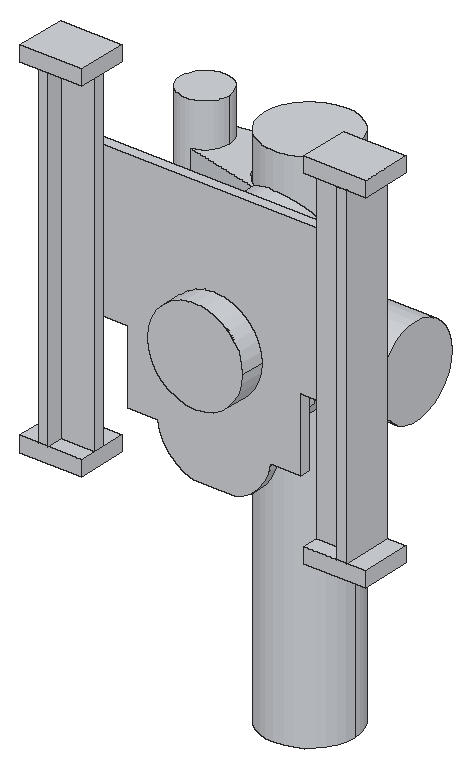
Revit family
Parameters
  Weaste Main Pipe2 Rad = 0' - 2"
  Weaste Main Pipe1 Rad = 0' - 2"
  Vent Pipe Rad = 0' - 1"
  Nipple Rad = 0' - 2"
  Model = "MC-13-2"
  Manufacturer = "MIFAB"
  Description = "Vertical, adjustable Fixture Carrier with two side inlets"
Reference planes (in)
  plane 1 "Center (Front/Back)": y = 0
  plane 2: z = 0
  plane 3 "Center (Left/Right)": x = 0
Forms (in)
  Extrusion 1, solid
    sketch origin (0, 0, 0) x (1, 0, 0) y (0, 1, 0)
      loop
        line (-8.45421, -4.70461) -> (-8.45421, -7.17008) -> (-5.44177, -7.17008) -> (-5.44177, -4.70461) -> (-8.45421, -4.70461)
      loop
        line (5.44232, -4.70461) -> (5.44232, -7.17008) -> (8.45477, -7.17008) -> (8.45477, -4.70461) -> (5.44232, -4.70461)
    from 0 to 0.75
  Extrusion 2, solid
    sketch origin (0, 0, 17.125) x (0, -1, 0) y (1, 0, 0)
      loop
        line (4.70461, -8.45421) -> (7.17008, -8.45421) -> (7.17008, -5.44177) -> (4.70461, -5.44177) -> (4.70461, -8.45421)
      loop
        line (4.70461, 5.44232) -> (7.17008, 5.44232) -> (7.17008, 8.45477) -> (4.70461, 8.45477) -> (4.70461, 5.44232)
    from 0 to 0.75
  Extrusion 3, solid
    sketch origin (0, 0, 0) x (1, 0, 0) y (0, 1, 0)
      loop
        line (-7.54902, -4.70461) -> (-7.54902, -7.17008) -> (-7.08008, -7.17008) -> (-7.08008, -6.37197) -> (-5.44177, -6.37197) -> (-5.44177, -5.85093) -> (-7.08008, -5.85093) -> (-7.08008, -4.70461) -> (-7.54902, -4.70461)
      loop
        line (7.54902, -4.70461) -> (7.08008, -4.70461) -> (7.08008, -5.85093) -> (5.44177, -5.85093) -> (5.44177, -6.37197) -> (7.08008, -6.37197) -> (7.08008, -7.17008) -> (7.54902, -7.17008) -> (7.54902, -4.70461)
    from 0.74667 to 17.12833
  Extrusion 4, solid
    sketch origin (0, 0, 0) x (1, 0, 0) y (0, 0, 1)
      loop
        line (-6.63296, 14) -> (-6.63296, 6.4719) -> (-4.24577, 6.4719) -> (-4.24592, 2.8508) -> (-2.75533, 2.84623)
        arc (-2.75533, 2.84623) -> (-2.18491, 1.56284) -> (-0.99504, 0.81675) r 2.4054
        line (-0.99504, 0.81675) -> (0, 0.81675) -> (0.99487, 0.81675)
        arc (0.99487, 0.81675) -> (2.18482, 1.56277) -> (2.75532, 2.84615) r 2.4054
        line (2.75532, 2.84615) -> (4.24601, 2.85066) -> (4.24601, 6.47171) -> (6.63321, 6.47171) -> (6.63354, 14) -> (-6.63296, 14)
      loop
        circle (0, 7.1059) r 2.31944
    from 5.37433 to 5.85093
  Extrusion 5, solid
    sketch origin (0, 0, 0) x (1, 0, 0) y (0, 0, 1)
      loop
        line (3.93693, 11.88397) -> (2.11638, 11.88397)
        arc (2.11638, 11.88397) -> (0, 12.87192) -> (-2.11638, 11.88397) r 2.76083
        line (-2.11638, 11.88397) -> (-4.06307, 11.88397) -> (-4.06307, 5.38397) -> (-2.80168, 5.38397)
        arc (-2.80168, 5.38397) -> (-0.06307, 3.39877) -> (2.67555, 5.38397) r 2.88158
        line (2.67555, 5.38397) -> (3.93693, 5.38397) -> (3.93693, 11.88397)
      loop
        arc (1.81193, 10.25897) -> (-0.06307, 12.13397) -> (-1.93807, 10.25897) r 1.875
        line (-1.93807, 10.25897) -> (-1.93807, 5.94179)
        arc (-1.93807, 5.94179) -> (-0.06307, 4.06679) -> (1.81193, 5.94179) r 1.875
        line (1.81193, 5.94179) -> (1.81193, 10.25897)
    from 4.6875 to 5.24933
  Extrusion 6, solid
    sketch origin (0, 0, 0) x (1, 0, 0) y (0, 0, 1)
      loop
        circle (0, 7.1059) r 2.3265
    from 5.85093 to 6.99701
  Extrusion 7, solid
    sketch origin (0, 0, 0) x (0, 1, 0) y (0, 0, 1)
      loop
        circle (0, 5.19602) r 2.1916
    from -5.25988 to 5.18692
  Extrusion 8, solid
    sketch origin (0, 0, 0) x (1, 0, 0) y (0, 1, 0)
      loop
        circle (0, -0.00746) r 2.19
    from -11.93514 to 14
  Extrusion 9, solid
    sketch origin (0, 0, 0) x (1, 0, 0) y (0, 1, 0)
      loop
        line (-1.03092, 1.99246) -> (-4.98699, 1.31197)
        arc (-4.98699, 1.31197) -> (-4.04766, 0.10991) -> (-5.04709, -1.04265) r 1.2
        line (-5.04709, -1.04265) -> (-1.16333, -1.93338)
        arc (-1.16333, -1.93338) -> (-1.95959, -1.11313) -> (-2.25, -0.00746) r 2.25
        arc (-2.25, -0.00746) -> (-1.92121, 1.16363) -> (-1.03092, 1.99246) r 2.25
    from 10.384 to 11.884
  Extrusion 10, solid
    sketch origin (0.09141, 0, 0) x (1, 0, 0) y (0, 1, 0)
      loop
        circle (-5.33868, 0.14053) r 1.2
    from 10.384 to 14
  SweptBlend 11, solid
    path origin (0, 0, 0) x (0, 1, 0) y (0, 0, 1)
      loop
        line (-0.70461, 7.7607) -> (-4.70461, 7.7607)
    profile origin (0, -0.70461, 7.7607) x (0, 0, -1) y (1, 0, 0)
      loop
        line (-2.74828, -1.93807) -> (4.44391, -1.93807)
        arc (4.44391, -1.93807) -> (6.31891, -0.06307) -> (4.44391, 1.81193) r 1.875
        line (4.44391, 1.81193) -> (-2.74828, 1.81193)
        arc (-2.74828, 1.81193) -> (-4.62328, -0.06307) -> (-2.74828, -1.93807) r 1.875
    end profile origin (0, -4.70461, 7.7607) x (0, 0, -1) y (1, 0, 0)
      loop
        line (1.81891, 1.81193) -> (-2.49828, 1.81193)
        arc (-2.49828, 1.81193) -> (-4.37328, -0.06307) -> (-2.49828, -1.93807) r 1.875
        line (-2.49828, -1.93807) -> (1.81891, -1.93807)
        arc (1.81891, -1.93807) -> (3.69391, -0.06307) -> (1.81891, 1.81193) r 1.875
Cuts and joins
  joined: Extrusion 7, Extrusion 8, Extrusion 9, Extrusion 10, SweptBlend 11
Dimensions and locks (in)
  aligned and locked: Extrusion 6 to Extrusion 4
  aligned and locked: Extrusion 4 to Extrusion 10
Connectors (in)
  piping at (0, -6.99701, 7.1059), driven by "Nipple Rad"
    settings: on Extrusion 6, index 1
  piping at (0, -0.00746, -11.93514), driven by "Weaste Main Pipe1 Rad"
    settings: on Extrusion 8, index 2
  piping at (0, -0.00746, 14), driven by "Weaste Main Pipe1 Rad"
    settings: on Extrusion 8, index 3
  piping at (5.18692, 0, 5.19602), driven by "Weaste Main Pipe2 Rad"
    settings: on Extrusion 7, index 4
  piping at (-5.24727, 0.14053, 14), driven by "Vent Pipe Rad"
    settings: on Extrusion 10, index 5
  piping at (-5.25988, 0, 5.19602), driven by "Weaste Main Pipe2 Rad"
    settings: on Extrusion 7, index 6
